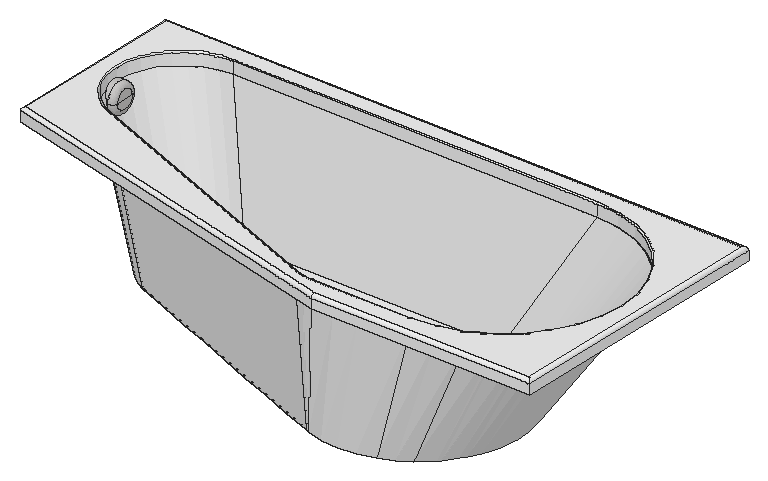
Revit family "NLRS_74_PF_UN_bad_S8B13308000_SPHINX_BCB", category Plumbing Fixtures, Revit 2016
Family settings
  Part Type = Normal
  Round Connector Dimension = Use Radius
  OmniClass Number = 23.45.00.00
  OmniClass Title = Sanitary, Laundry, and Cleaning Equipment
  Work Plane-Based = No
  Always vertical = Yes
  Cut with Voids When Loaded = No
  Shared = No
  Room Calculation Point = No
Parameters (values of type "300 bad 160x75")
  NLRS_C_type = ""
  NLRS_C_serie = ""
  radius = NLRS_C_diameter_uit / 2  # 25 mm
  NLRS_C_revit_versie = "2016"
  NLRS_C_content_versie = "2.0"
  NLRS_C_content_provider = "BouwConnect"
  NLRS_C_content_datum_uitgifte = "APR-2018"
  NLRS_C_content_datum_gewijzigd = "APR-2018"
  NLRS_C_content_creator = "BouwConnect"
  NLRS_C_URL_product_data = "http://www.sphinx.nl/producten/baden/asymmetrische-baden/sphinx-b45-%7C-asymmetrisch-bad-b45300/30150/"
  NLRS_C_code_artikel = "S8B13308000"
  WFU = 0
  URL = "http://www.sphinx.nl/"
  NLRS_S_gewicht = 0.00 kg
  NLRS_C_lengte = 1600 mm
  NLRS_C_hoogte = 420 mm
  NLRS_C_diameter_uit = 50 mm
  NLRS_C_breedte = 750 mm
  Model = "300 bad 160x75 L"
  Manufacturer = "Sphinx"
  Keynote = ""
  IfcTypeProduct = "IfcSanitaryTerminalType"
  IfcExportType = "BATH"
  IfcExportAs = "IfcSanitaryTerminalTypeEnum"
  IfcElement = "IfcFlowTerminal"
  NLRS_C_code_EAN = "8711754410244"
  Description = "bad"
  NLRS_C_URL_BCB = "http://bcb-online.nl/?zoekterm=Sphinx+++%5bGeberit+B.V.%5d"
  Assembly Code = ""
  NLRS_C_materiaal_01 = NLRS_h2_staal_Sphinx
  NLRS_C_materiaal74_kunststof = NLRS_n6_acryl_wit_Sphinx
Reference planes
  plane 1 "Center (Front/Back)": y = 0
  plane 2: z = 0
  plane 3 "Center (Left/Right)": x = 0
Forms (mm)
  Extrusion 1, solid, material "NLRS_h2_staal_Sphinx" <- "NLRS_C_materiaal_01", detail levels medium+fine
    sketch origin (-709.022, 96.916, -419.106) x (1, 0, 0) y (0, 1, 0)
      loop
        circle (899.022, -346.916) r 26
    from -10 to 0
  Revolve 2, solid, material "NLRS_h2_staal_Sphinx" <- "NLRS_C_materiaal_01", detail levels fine
    sketch origin (-760, -250, -419.106) x (1, 0, 0) y (0, 0, 1)
      loop
        arc (920.939, 11) -> (907.985, 9.448) -> (895.764, 4.881) r 54.847
        arc (895.764, 4.881) -> (895.444, 4.657) -> (895.194, 4.356) r 1.467
        arc (895.194, 4.356) -> (895.093, 3.653) -> (895.545, 3.106) r 0.878
        arc (895.545, 3.106) -> (896.133, 3.026) -> (896.725, 3) r 6.633
        line (896.725, 3) -> (950, 3) -> (950, 11) -> (920.939, 11)
      axis (950, 3) -> (950, 11)
    angle from 0 to 360
  Revolve 3, solid, material "NLRS_h2_staal_Sphinx" <- "NLRS_C_materiaal_01", detail levels fine
    sketch origin (-14.84, -1200, -59.997) x (0, 1, 0) y (-1, 0, 0)
      loop
        line (950, -72) -> (910, -72) -> (910, -87)
        arc (910, -87) -> (914.393, -97.607) -> (925, -102) r 15
        line (925, -102) -> (950, -102) -> (950, -72)
      axis (950, -102) -> (950, -72)
    angle from 0 to 360
  Sweep 4, solid, material "NLRS_n6_acryl_wit_Sphinx" <- "NLRS_C_materiaal74_kunststof", detail levels medium+fine
    path origin (1600, 0, 0) x (-1, 0, 0) y (0, -1, 0)
      loop
        line (600, 750) -> (0, 750) -> (0, 0) -> (1600, 0) -> (1600, 500) -> (600, 750)
    profile origin (1600, -375, 0) x (-1, 0, 0) y (0, 0, 1)
      loop
        arc (10, 0) -> (2.929, -2.929) -> (0, -10) r 10
        line (0, -10) -> (0, -35) -> (10, -35) -> (10, 0)
  Extrusion 5, solid, material "NLRS_n6_acryl_wit_Sphinx" <- "NLRS_C_materiaal74_kunststof", detail levels medium+fine
    sketch origin (1600, 0, 0) x (-1, 0, 0) y (0, -1, 0)
      loop
        line (10, 740) -> (10, 10) -> (873.095, 10) -> (873.095, 50.001) -> (372.236, 50.001)
        arc (372.236, 50.001) -> (54.272, 307.744) -> (240.634, 672.164) r 325
        arc (240.634, 672.164) -> (304.979, 692.966) -> (372.236, 700.001) r 325
        line (372.236, 700.001) -> (642.724, 700.001) -> (649.55, 727.305) -> (598.769, 740) -> (10, 740)
    from -35 to 0
  Extrusion 6, solid, material "NLRS_n6_acryl_wit_Sphinx" <- "NLRS_C_materiaal74_kunststof", detail levels medium+fine
    sketch origin (-400, 0, 0) x (-1, 0, 0) y (0, -1, 0)
      loop
        line (-626.046, 50.001) -> (-1126.905, 50.001) -> (-1126.905, 10) -> (-410, 10) -> (-410, 492.192) -> (-1350.45, 727.305) -> (-1357.276, 700.001)
        arc (-1357.276, 700.001) -> (-1333.158, 697.744) -> (-1309.877, 691.053) r 130.006
        line (-1309.877, 691.053) -> (-560.42, 397.611)
        arc (-560.42, 397.611) -> (-449.17, 196.608) -> (-626.046, 50.001) r 180
    from -35 to 0
  Sweep 7, solid, material "NLRS_n6_acryl_wit_Sphinx" <- "NLRS_C_materiaal74_kunststof", detail levels medium+fine
    path origin (-400, 0, 0) x (-1, 0, 0) y (0, -1, 0)
      loop
        line (-1627.764, 50.001) -> (-626.046, 50.001)
        arc (-626.046, 50.001) -> (-449.17, 196.608) -> (-560.42, 397.611) r 180
        line (-560.42, 397.611) -> (-1309.877, 691.053)
        arc (-1309.877, 691.053) -> (-1333.158, 697.744) -> (-1357.276, 700.001) r 130.006
        line (-1357.276, 700.001) -> (-1627.764, 700.001)
        arc (-1627.764, 700.001) -> (-1695.021, 692.966) -> (-1759.366, 672.164) r 325
        arc (-1759.366, 672.164) -> (-1945.728, 307.744) -> (-1627.764, 50.001) r 325
    profile origin (726.905, -50.001, 0) x (0, -1, 0) y (0, 0, 1)
      loop
        line (0, 0) -> (0, -35) -> (4, -35) -> (4, -3.2)
        arc (4, -3.2) -> (3.063, -0.937) -> (0.8, 0) r 3.2
        line (0.8, 0) -> (0, 0)
  Blend 8, solid, material "NLRS_n6_acryl_wit_Sphinx" <- "NLRS_C_materiaal74_kunststof", detail levels medium+fine
    base sketch origin (1600, -1000, 0) x (-1, 0, 0) y (0, -1, 0)
      loop
        arc (438.028, -400.26) -> (339.213, -712.957) -> (605.039, -904.999) r 280
        line (605.039, -904.999) -> (1309.999, -904.999)
        arc (1309.999, -904.999) -> (1452.414, -787.259) -> (1363.547, -625.248) r 145
        line (1363.547, -625.248) -> (703.279, -362.868)
        arc (703.279, -362.868) -> (700.194, -361.681) -> (697.084, -360.56) r 152.728
        arc (697.084, -360.56) -> (603.064, -345.006) -> (509.273, -361.885) r 280
        arc (509.273, -361.885) -> (472.257, -378.485) -> (438.028, -400.26) r 280
    top sketch origin (1600, -1000, 0) x (-1, 0, 0) y (0, -1, 0)
      loop
        line (372.236, -949.999) -> (1373.954, -949.999)
        arc (1373.954, -949.999) -> (1550.83, -803.392) -> (1439.58, -602.389) r 180
        line (1439.58, -602.389) -> (690.123, -308.947)
        arc (690.123, -308.947) -> (666.842, -302.256) -> (642.724, -299.999) r 130.006
        line (642.724, -299.999) -> (372.236, -299.999)
        arc (372.236, -299.999) -> (304.979, -307.034) -> (240.634, -327.836) r 325
        arc (240.634, -327.836) -> (54.272, -692.256) -> (372.236, -949.999) r 325
    from -419.997 to -35
  Blend 9, void, detail levels medium+fine
    base sketch origin (1600, -999.999, 0) x (-1, 0, 0) y (0, -1, 0)
      loop
        arc (438.028, -400.26) -> (339.213, -712.957) -> (605.039, -904.999) r 280
        line (605.039, -904.999) -> (1309.999, -904.999)
        arc (1309.999, -904.999) -> (1452.414, -787.259) -> (1363.547, -625.248) r 145
        line (1363.547, -625.248) -> (703.279, -362.868)
        arc (703.279, -362.868) -> (700.194, -361.681) -> (697.084, -360.56) r 152.728
        arc (697.084, -360.56) -> (603.064, -345.006) -> (509.273, -361.885) r 280
        arc (509.273, -361.885) -> (472.257, -378.485) -> (438.028, -400.26) r 280
    top sketch origin (1600, -999.999, 0) x (-1, 0, 0) y (0, -1, 0)
      loop
        line (372.236, -945.999) -> (1373.954, -945.999)
        arc (1373.954, -945.999) -> (1546.899, -802.65) -> (1438.122, -606.113) r 176
        line (1438.122, -606.113) -> (688.665, -312.672)
        arc (688.665, -312.672) -> (666.1, -306.186) -> (642.724, -303.999) r 126.006
        line (642.724, -303.999) -> (372.236, -303.999)
        arc (372.236, -303.999) -> (305.807, -310.948) -> (242.253, -331.494) r 321
        arc (242.253, -331.494) -> (58.185, -691.429) -> (372.236, -945.999) r 321
    from -416 to -35
  Extrusion 10, solid, material "NLRS_n6_acryl_wit_Sphinx" <- "NLRS_C_materiaal74_kunststof", detail levels coarse
    sketch origin (-1157.872, 522.063, -419.997) x (1, 0, 0) y (0, 1, 0)
      loop
        line (1157.872, -522.063) -> (1157.872, -1022.063) -> (2157.872, -1272.063) -> (2757.872, -1272.063) -> (2757.872, -522.063) -> (1157.872, -522.063)
    from 0 to 419.997
  Extrusion 11, void
    sketch origin (-1147.872, 522.063, -419.997) x (1, 0, 0) y (0, 1, 0)
      loop
        arc (1383.918, -572.064) -> (1207.042, -718.672) -> (1318.292, -919.675) r 180
        line (1318.292, -919.675) -> (2067.749, -1213.116)
        arc (2067.749, -1213.116) -> (2091.03, -1219.807) -> (2115.147, -1222.064) r 130.006
        line (2115.147, -1222.064) -> (2385.636, -1222.064)
        arc (2385.636, -1222.064) -> (2452.893, -1215.029) -> (2517.238, -1194.227) r 325
        arc (2517.238, -1194.227) -> (2703.6, -829.807) -> (2385.636, -572.064) r 325
        line (2385.636, -572.064) -> (1383.918, -572.064)
    from 50 to 541.43
  Extrusion 12, solid, not visible
    sketch origin (0, 0, -419.106) x (1, 0, 0) y (0, 1, 0)
      loop
        circle (190, -250) r 25
    from 0 to 5
Cuts and joins
  Blend 9 cuts Blend 8
  joined: Sweep 4, Extrusion 5, Extrusion 6, Sweep 7
  Extrusion 11 cuts Extrusion 10
Lines and regions (mm)
  model lines
    curve 1: line (0, 0, 0) -> (190, 0, 0)
Dimensions and locks
  aligned and locked: level to plane 2
Connectors
  piping at (190, -250, -419.106), diameter 50, driven by "WFU", driven by "radius"
    settings: on Extrusion 12, index 1, connector inside diameter 50 mm, connector length 0 mm, flow factor 0, pipe flow 0.0 L/s, pressure drop 0.0 Pa, fitting loss kfactor 0, connector angle 0.00°, fixture units 0, engagement length 0 mm, angle of deflection 0.00°, flow configuration 3, flow direction 2, fitting loss method 0, system type 16, joint type 0, gender type 0, connector reference index -1, connector utility 0, adjustable connector no, is connector primary yes, connector description "out"
